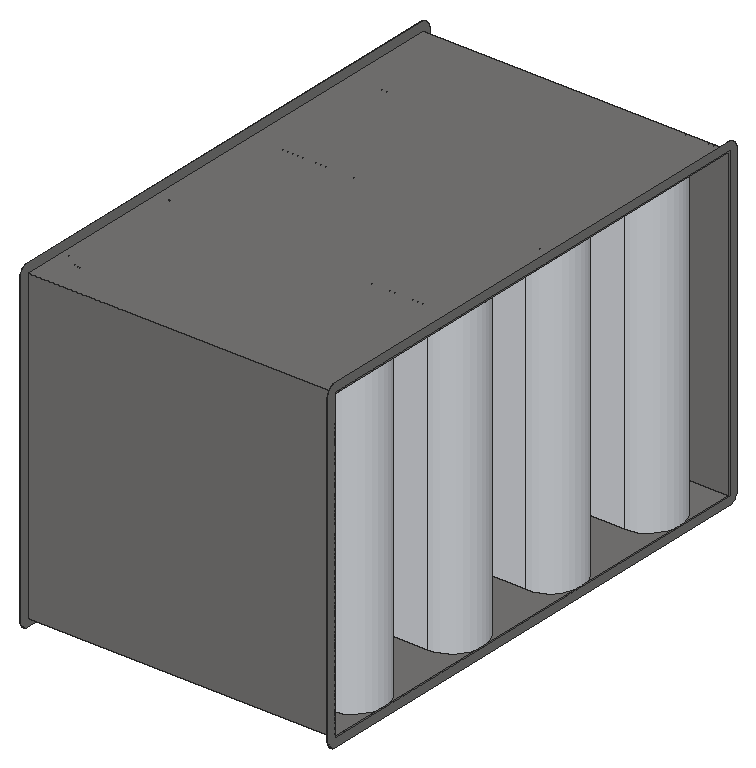
Revit family "НЕВАТОМ_Шумоглушитель ГП, Версия 2", category Арматура воздуховодов, Revit 2017
Family settings
  Размер круглого соединителя = Использовать диаметр
  Тип детали = Вставляется
  На основе рабочей плоскости = Нет
  Всегда вертикально = Нет
  При загрузке вырезать с полостями = Нет
  Общий = Нет
Parameters (values of type "1600x1000–1000")
  Материал = Сталь оцинкованная
  t = 2 mm  # constant formula
  T = 30 mm
  Nevatom_URL = "https://t.me/NEVATOM_Bim_bot"
  Количество кассет = A / 400 mm  # 4
  L = 1000 mm
  B = 1000 mm
  ADSK_Расход воздуха = 0.0 m³/h
  ADSK_Размер_Ширина = L  # 1000 mm
  ADSK_Размер_Длина = A  # 1600 mm
  ADSK_Размер_Высота = B  # 1000 mm
  ADSK_Потеря давления воздуха = 0.0 Pa
  ADSK_Материал наименование = "Оцинкованная сталь"  # constant formula
  ADSK_Количество = 1  # constant formula
  A1 = 200 mm
  A = 1600 mm
  ADSK_Примечание = ""
  ADSK_Позиция = ""
  ADSK_Наименование = "Глушитель ГП"  # constant formula
  ADSK_Масса = 0
  ADSK_Марка = "ГП-1600x1000–1000–200/3"
  ADSK_Код изделия = ""
  ADSK_Завод-изготовитель = "НЕВАТОМ"  # constant formula
  ADSK_Единица измерения = "шт"  # constant formula
  100 = 100 mm
Types (26, lengths in mm): name | T | Количество кассет | L | B | ADSK_Размер_Ширина | ADSK_Размер_Длина | ADSK_Размер_Высота | A | ADSK_Марка
  800x500–1000 | 30 | 2 | 1000 | 500 | 1000 | 800 | 500 | 800 | "ГП-800x500–1000–200/2"
  1200x500-1000 | 30 | 3 | 1000 | 500 | 1000 | 1200 | 500 | 1200 | "ГП-1200x500–1000–200/3"
  1600x500–1000 | 30 | 4 | 1000 | 500 | 1000 | 1600 | 500 | 1600 | "ГП-1600x500–1000–200/4"
  800x1000–1000 | 30 | 2 | 1000 | 1000 | 1000 | 800 | 1000 | 800 | "ГП-800x1000–1000–200/2"
  1200x1000–1000 | 30 | 3 | 1000 | 1000 | 1000 | 1200 | 1000 | 1200 | "ГП-1200x1000–1000–200/3"
  1600x1000–1000 | 30 | 4 | 1000 | 1000 | 1000 | 1600 | 1000 | 1600 | "ГП-1600x1000–1000–200/3"
  2000x1000–1000 | 32 | 5 | 1000 | 1000 | 1000 | 2000 | 1000 | 2000 | "ГП-2000x1000–1000–200/5"
  800x1500–1000 | 30 | 2 | 1000 | 1500 | 1000 | 800 | 1500 | 800 | "ГП-800x1500–1000–200/2"
  1200x1500–1000 | 30 | 3 | 1000 | 1500 | 1000 | 1200 | 1500 | 1200 | "ГП-1200x1500–1000–200/3"
  1600x1500–1000 | 32 | 4 | 1000 | 1500 | 1000 | 1600 | 1500 | 1600 | "ГП-1600x1500–1000–200/4"
  800x2000–1000 | 30 | 2 | 1000 | 2000 | 1000 | 800 | 2000 | 800 | "ГП-800x2000–1000–200/2"
  1200x2000–1000 | 32 | 3 | 1000 | 2000 | 1000 | 1200 | 2000 | 1200 | "ГП-1200x2000–1000–200/3"
  1600x2000–1000 | 32 | 4 | 1000 | 2000 | 1000 | 1600 | 2000 | 1600 | "ГП-1600x2000–1000–200/4"
  800x500–1500 | 30 | 2 | 1500 | 500 | 1500 | 800 | 500 | 800 | "ГП-800x500–1500–200/2"
  1200x500–1500 | 30 | 3 | 1500 | 500 | 1500 | 1200 | 500 | 1200 | "ГП-1200x500–1500–200/3"
  1600x500–1500 | 30 | 4 | 1500 | 500 | 1500 | 1600 | 500 | 1600 | "ГП-1600x500–1500–200/4"
  800x1000–1500 | 30 | 2 | 1500 | 1000 | 1500 | 800 | 1000 | 800 | "ГП-800x1000–1500–200/2"
  1200x1000–1500 | 30 | 3 | 1500 | 1000 | 1500 | 1200 | 1000 | 1200 | "ГП-1200x1000–1500–200/3"
  1600x1000–1500 | 30 | 4 | 1500 | 1000 | 1500 | 1600 | 1000 | 1600 | "ГП-1600x1000–1500–200/4"
  2000x1000–1500 | 32 | 5 | 1500 | 1000 | 1500 | 2000 | 1000 | 2000 | "ГП-2000x1000–1500–200/5"
  800x1500–1500 | 30 | 2 | 1500 | 1500 | 1500 | 800 | 1500 | 800 | "ГП-800x1500–1500–200/2"
  1200x1500–1500 | 30 | 3 | 1500 | 1500 | 1500 | 1200 | 1500 | 1200 | "ГП-1200x1500–1500–200/3"
  1600x1500–1500 | 32 | 4 | 1500 | 1500 | 1500 | 1600 | 1500 | 1600 | "ГП-1600x1500–1500–200/3"
  800x2000–1500 | 30 | 2 | 1500 | 2000 | 1500 | 800 | 2000 | 800 | "ГП-800x2000–1500–200/2"
  1200x2000–1500 | 32 | 3 | 1500 | 2000 | 1500 | 1200 | 2000 | 1200 | "ГП-1200x2000–1500–200/3"
  1600x2000–1500 | 32 | 4 | 1500 | 2000 | 1500 | 1600 | 2000 | 1600 | "1600x2000–1500–200/4"
Reference planes
  plane 1 "По центру (Вперед/Назад)": y = 0
  plane 2: z = -530
  plane 3 "По центру (Влево/Вправо)": x = 0
  plane 4: y = 800
  plane 5: y = -800
  plane 6: x = -500
  plane 7: x = 500
  plane 8: z = 500
  plane 9: z = 530
  plane 10: y = -830
  plane 11: y = 830
  plane 12: z = -500
Forms (mm)
  Extrusion 1, solid, material "Сталь оцинкованная" <- "Материал"
    sketch origin (0, 0, -1000) x (0, 1, 0) y (0, 0, 1)
      loop
        line (-802, 1502) -> (-802, 498) -> (802, 498) -> (802, 1502) -> (-802, 1502)
      loop
        line (-800, 1500) -> (-800, 500) -> (800, 500) -> (800, 1500) -> (-800, 1500)
    from -500 to 500
  Extrusion 2, solid, material "Сталь оцинкованная"
    sketch origin (0, 0, 0) x (0, 1, 0) y (0, 0, 1)
      loop
        arc (-800, 530) -> (-821.213, 521.213) -> (-830, 500) r 30
        line (-830, 500) -> (-830, -500)
        arc (-830, -500) -> (-821.213, -521.213) -> (-800, -530) r 30
        line (-800, -530) -> (800, -530)
        arc (800, -530) -> (821.213, -521.213) -> (830, -500) r 30
        line (830, -500) -> (830, 500)
        arc (830, 500) -> (821.213, 521.213) -> (800, 530) r 30
        line (800, 530) -> (-800, 530)
      loop
        line (-802, 502) -> (-802, -502) -> (802, -502) -> (802, 502) -> (-802, 502)
    from 498 to 500
  Extrusion 3, solid, material "Сталь оцинкованная"
    sketch origin (0, 0, 0) x (0, 1, 0) y (0, 0, -1)
      loop
        line (-800, -530) -> (800, -530)
        arc (800, -530) -> (821.213, -521.213) -> (830, -500) r 30
        line (830, -500) -> (830, 500)
        arc (830, 500) -> (821.213, 521.213) -> (800, 530) r 30
        line (800, 530) -> (-800, 530)
        arc (-800, 530) -> (-821.213, 521.213) -> (-830, 500) r 30
        line (-830, 500) -> (-830, -500)
        arc (-830, -500) -> (-821.213, -521.213) -> (-800, -530) r 30
      loop
        line (-802, -500) -> (802, -500) -> (802, 502) -> (-802, 502) -> (-802, -500)
    from 498 to 500
Dimensions and locks
  equal spacing: plane 4, plane 1 "По центру (Вперед/Назад)", plane 5
  "A": plane 4 to plane 5
  equal spacing: plane 6, plane 3 "По центру (Влево/Вправо)", plane 7
  "L": plane 6 to plane 7
  plane 5 to plane 1 "По центру (Вперед/Назад)" to plane 4 = 800 mm, 800 mm
  "B": plane 8 to plane 12
  "T": plane 9 to plane 8
  "t": Extrusion 1 sketch curve to plane 8
  "t": plane 4 to Extrusion 1 sketch curve
  "t": plane 12 to Extrusion 1 sketch curve
  "t": Extrusion 1 sketch curve to plane 5
  "100": nested 1 to plane 5
  equal spacing: group 1, group 3, group 4, group 2  (x3)
  "100": plane 4 to nested 2
  "T": plane 12 to plane 2
  plane 11 to plane 4 = 30 mm
  plane 5 to plane 10 = 30 mm
  plane 9 to plane 8 = 30 mm
  "T": plane 11 to plane 4
  "T": plane 5 to plane 10
  equal spacing: plane 7, plane 3 "По центру (Влево/Вправо)", plane 6
  plane 8 to level to plane 12 = 500 mm, 500 mm
  plane 8 to plane 12 = 1000 mm
  plane 12 to plane 2 = 30 mm
  equal spacing: plane 8, level, plane 12
  "t": Extrusion 2 to Extrusion 2
  "t": Extrusion 3 to Extrusion 3
  "T": radius of Extrusion 2 sketch curve  (x4)
  "T": radius of Extrusion 3 sketch curve  (x4)
  aligned and locked: Extrusion 1 sketch curve to plane 8
  aligned and locked: Extrusion 1 sketch curve to plane 5
  aligned and locked: Extrusion 1 sketch curve to plane 4
  aligned and locked: Extrusion 1 sketch curve to plane 12
  aligned and locked: Extrusion 1 to plane 6
  aligned and locked: plane 7 to Extrusion 1
  aligned and locked: Extrusion 1 to plane 12
  aligned and locked: Extrusion 2 sketch curve to Extrusion 1  (x4)
  aligned and locked: Extrusion 2 sketch curve to plane 9
  aligned and locked: plane 10 to Extrusion 2 sketch curve
  aligned and locked: Extrusion 2 sketch curve to plane 11
  aligned and locked: plane 2 to Extrusion 2 sketch curve
  aligned and locked: plane 7 to Extrusion 2
  aligned and locked: Extrusion 3 to plane 6
  aligned and locked: nested 2 to plane 8
  aligned and locked: nested 2 to plane 12
  aligned and locked: plane 8 to nested 1
  aligned and locked: Extrusion 3 to plane 8
Automatic sketch dimensions
  Extrusion 3 sketch curve to plane 10 = 0 mm
  Extrusion 3 sketch curve to plane 8 = 0 mm
  Extrusion 3 sketch curve to plane 2 = 0 mm
  Extrusion 3 sketch curve to plane 4 = 0 mm
  Extrusion 3 sketch curve to plane 9 = 0 mm
  Extrusion 3 sketch curve to Extrusion 3 sketch curve = 2 mm  (x2)
  Extrusion 3 sketch curve to plane 12 = 2 mm
Nested families
  nested 1: "Кассета" at (0, -600, -500), type "Кассета_"
    with B1 1000 mm
  nested 2: "Кассета" at (0, 600, -500), type "Кассета_"
    with B1 1000 mm
  nested 3: "Кассета" at (0, -200, -500), type "Кассета_"
    with B1 1000 mm
  nested 4: "Кассета" at (0, 200, -500), type "Кассета_"
    with B1 1000 mm
Connectors
  hvac at (-500, 0, 0), driven by "B", driven by "A"
    settings: on Extrusion 1, index 1, duct flow 0.0 m³/h, flow factor 0, pres drop 0.0 Pa, loss coef 0, conn angle 0.00°, conn width 1600 mm, conn height 1000 mm, conn diameter 609.6 mm, duct sys type 29, conn prof type 1, flow config 0, flow direction 0, loss method 0, conn ref index 2, conn util no, is conn primary yes, conn desc ""
  hvac at (500, 0, 0), driven by "B", driven by "A"
    settings: on Extrusion 1, index 2, duct flow 0.0 m³/h, flow factor 0, pres drop 0.0 Pa, loss coef 0, conn angle 0.00°, conn width 1600 mm, conn height 1000 mm, conn diameter 609.6 mm, duct sys type 29, conn prof type 1, flow config 0, flow direction 0, loss method 0, conn ref index 1, conn util no, is conn primary no, conn desc ""
Definition of nested family "Кассета"
  Parameters (values of type "Семейство1")
    T = 100 mm
    L1 = 1000 mm
    B1 = 500 mm
    A1 = 200 mm
  Reference planes
    plane 1 "По центру (Вперед/Назад)": y = 0
    plane 2: z = 0
    plane 3 "По центру (Влево/Вправо)": x = 0
    plane 4: y = 100
    plane 5: y = -100
    plane 6: x = -500
    plane 7: x = 500
    plane 8: x = -400
    plane 9: x = 400
    plane 10: z = 500
  Forms (mm)
    Extrusion 1, solid
      sketch origin (0, 0, 0) x (1, 0, 0) y (0, 1, 0)
        loop
          arc (-400, 100) -> (-500, 0) -> (-400, -100) r 100
          line (-400, -100) -> (400, -100)
          arc (400, -100) -> (500, 0) -> (400, 100) r 100
          line (400, 100) -> (-400, 100)
      from 0 to 500
  Dimensions and locks
    locked: plane 6 to plane 8 at 100
    locked: plane 9 to plane 7 at 100
    "L1": plane 6 to plane 7
    equal spacing: plane 6, plane 3 "По центру (Влево/Вправо)", plane 7
    equal spacing: plane 4, plane 1 "По центру (Вперед/Назад)", plane 5
    "A1": plane 4 to plane 5
    "B1": plane 10 to level
    "T": radius of Extrusion 1 sketch curve  (x2)
    aligned and locked: level to plane 2
    aligned and locked: Extrusion 1 sketch curve to plane 4
    aligned and locked: plane 10 to Extrusion 1
    aligned and locked: Extrusion 1 to level
  Automatic sketch dimensions
    Extrusion 1 sketch curve to plane 8 = 0 mm
    Extrusion 1 sketch curve to plane 9 = 0 mm
